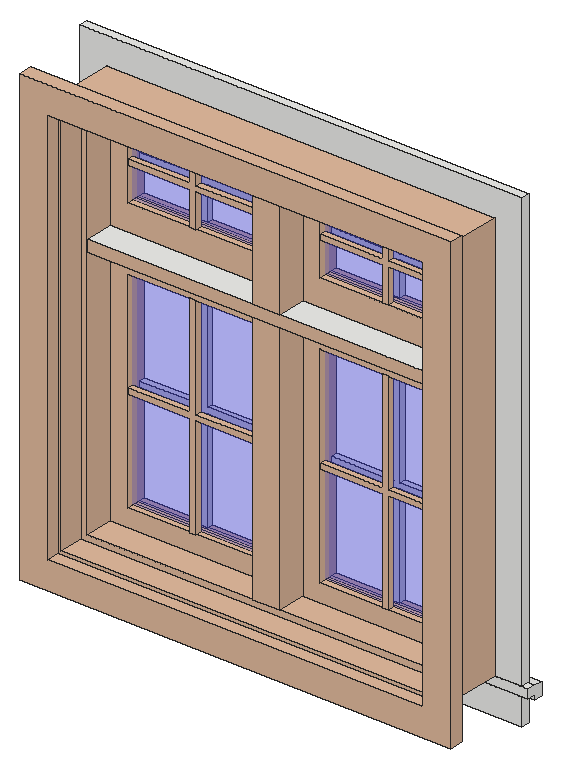
Revit family "M_Janela-batente-duplo-toldo-duplo", category Janelas, Revit 2019
Family settings
  Hospedeiro = Parede
  Número OmniClass = 23.30.20.17.21.14
  Título OmniClass = Casement Windows
  Sempre na vertical = Sim
  Corte com vazios quando carregada = Não
  Compartilhado = Não
  Ponto de cálculo do ambiente = Não
Parameters (values of type "850 x 900mm")
  Janela aplicada [instance] = 0 mm
  Espessura da parede [instance] = 150 mm
  Visibilidade do montante superior = yes
  Fechamento da parede interior [instance] = 54.75 mm
  Material da apara interior = Madeira – Manchada
  Meia largura = Largura / 2  # 425 mm
  Visual Light Transmittance = 0.81
  Altura da travessa = 300 mm
  Resistência térmica (R) = 0.319569 (m²·K)/W
  Solar Heat Gain Coefficient = 0.76
  Largura bruta = Largura + 15 mm  # 865 mm
  Rough Height = Height + 15 mm  # 915 mm
  Altura da janela aberta = Height - Altura da travessa  # 600 mm
  Extensão do quadro [instance] = if(Visibilidade da apara externa, Janela aplicada + 6.35 mm, 6.35 mm)  # 6.35 mm
  Visibilidade do montante inferior = yes
  Padrão do montante = M_Padrão do montante_2x2 : M_Padrão do montante_2x2
  Visibilidade do recorte interior [instance] = yes
  Recorte interior = M_Moldura-janela-interior-plana : Quadro
  Height = 900 mm
  Material da moldura interior = Madeira – Manchada
  Coeficiente de transferência de calor (U) = 3.12929 W/(m²·K)
  Material do painel de vidro = Vidro
  Classificação de incêndio = "0.5h"
  Fechamento da parede externa [instance] = 31.8 mm
  Visibilidade da apara externa [instance] = yes
  Material da apara externa = Revestimento – Branco
  Apara externa = M_Recorte-Janela-Exterior-Plana : com peitoril
  Material da moldura exterior = Revestimento – Branco
  Visibilidade do umbral da extensão [instance] = and(Visibilidade do recorte interior, Espessura da parede - Janela aplicada > 95.25 mm)  # yes
  Umbral da extensão [instance] = if(Espessura da parede - Janela aplicada > 95.25 mm, Espessura da parede - Janela aplicada - 95.25 mm, 25.4 mm)  # 54.75 mm
  Altura-padrão do peitoril = 900 mm
  Fechamento da parede = (empty or 0)
  Largura = 850 mm
  Código de montagem = "B2020100"
  Construção analítica = "Vidraça dupla – residencial"
Values of the unnamed type that differ from the named types
  Fechamento da parede = Por hospedeiro
Reference planes
  plane 1 "Centro (Frente/Trás)": y = 0
  plane 2: z = 0
  plane 3 "Centro (Esquerda/Direita)": x = 0
  plane 4 "Esquerda": x = -425
  plane 5 "Direita": x = 425
  plane 6 "Peitoril": z = 900
  plane 7 "Superior": z = 1800
  plane 8 "Inset Face": y = 75
  plane 9 "Fechamento da parede": y = -20.25
  plane 10 "Face do caixilho": y = 87.7
  plane 11 "Exterior": y = 75
  plane 12: x = 412.3
  plane 13: x = -412.3
  plane 14: z = 1787.3
  plane 15: z = 912.7
  plane 16: x = 355.15
  plane 17: x = -355.15
  plane 18: z = 1730.15
  plane 19: z = 969.85
  plane 20: x = 9.525
  plane 21: x = -9.525
  plane 22: y = 55.95
  plane 23 "Vidro": y = 65.475
  plane 24: y = 94.05
  plane 25: y = 94.05
  plane 26 "Interior": y = -75
  plane 27 "Umbral": y = -20.25
  plane 28: x = -30.163
  plane 29: x = 30.162
  plane 30: z = 1487.3
  plane 31: z = 1200
  plane 32: z = 1512.7
  plane 33 "Meio": z = 1350
  plane 34: z = 1430.15
  plane 35: x = 210.912
  plane 36: x = -210.913
  plane 37: x = 66.675
  plane 38: x = -66.675
  plane 39: y = 43.2
  plane 40: y = -20.25
  plane 41: z = 1569.85
  plane 42: z = 1500
  plane 43: y = 94.05
Forms (mm)
  Sweep 1, solid, material "Madeira – Manchada" <- "Material da moldura interior"
    path origin (0, 87.7, 0) x (-1, 0, 0) y (0, 0, 1)
      loop
        line (-425, 900) -> (425, 900) -> (425, 1800) -> (-425, 1800) -> (-425, 900)
    profile origin (425, 87.7, 1350) x (1, 0, 0) y (0, 1, 0)
      loop
        line (0, 6.35) -> (-12.7, 6.35) -> (-12.7, -44.45) -> (-31.75, -44.45) -> (-31.75, -107.95) -> (0, -107.95) -> (0, 6.35)
  Extrusion 2, solid, material "Madeira – Manchada" <- "Material da moldura interior", visible <- "Visibilidade do umbral da extensão"
    sketch origin (0, 0, 0) x (1, 0, 0) y (0, 0, 1)
      loop
        line (425, 1800) -> (-425, 1800) -> (-425, 900) -> (425, 900) -> (425, 1800)
      loop
        line (405.95, 919.05) -> (405.95, 1780.95) -> (-405.95, 1780.95) -> (-405.95, 919.05) -> (405.95, 919.05)
    from 20.25 to 75
  Sweep 3, solid, material "Madeira – Manchada" <- "Material da moldura interior"
    path origin (0, 87.7, 0) x (-1, 0, 0) y (0, 0, 1)
      loop
        line (-412.3, 1487.3) -> (-412.3, 912.7) -> (-9.525, 912.7) -> (-9.525, 1487.3) -> (-412.3, 1487.3)
    profile origin (412.3, 87.7, 1200) x (0, 1, 0) y (-1, 0, 0)
      loop
        line (0, 0) -> (0, 57.15) -> (-44.45, 57.15) -> (-44.45, 0) -> (0, 0)
  Sweep 4, solid, material "Madeira – Manchada" <- "Material da moldura interior"
    path origin (0, 87.7, 0) x (-1, 0, 0) y (0, 0, 1)
      loop
        line (9.525, 912.7) -> (412.3, 912.7) -> (412.3, 1487.3) -> (9.525, 1487.3) -> (9.525, 912.7)
    profile origin (-9.525, 87.7, 1200) x (1, 0, 0) y (0, 1, 0)
      loop
        line (0, 0) -> (-57.15, 0) -> (-57.15, -44.45) -> (0, -44.45) -> (0, 0)
  Extrusion 5, solid, material "Vidro"
    sketch origin (0, 0, 900) x (0, -1, 0) y (1, 0, 0)
      loop
        line (-75, 66.675) -> (-68.65, 66.675) -> (-68.65, 355.15) -> (-75, 355.15) -> (-75, 66.675)
      loop
        line (-55.95, 355.15) -> (-62.3, 355.15) -> (-62.3, 66.675) -> (-55.95, 66.675) -> (-55.95, 355.15)
    from 69.85 to 530.15
  Extrusion 6, solid, material "Vidro"
    sketch origin (-701.675, 0, 900) x (0, -1, 0) y (1, 0, 0)
      loop
        line (-75, 346.525) -> (-68.65, 346.525) -> (-68.65, 635) -> (-75, 635) -> (-75, 346.525)
      loop
        line (-55.95, 635) -> (-62.3, 635) -> (-62.3, 346.525) -> (-55.95, 346.525) -> (-55.95, 635)
    from 69.85 to 530.15
  Extrusion 7, solid, material "Madeira – Manchada" <- "Material da moldura interior"
    sketch origin (0, 0, 900) x (0, -1, 0) y (1, 0, 0)
      loop
        line (-94.05, -9.525) -> (-43.25, -9.525) -> (-43.25, -30.163) -> (20.25, -30.163) -> (20.25, 30.162) -> (-43.25, 30.162) -> (-43.25, 9.525) -> (-94.05, 9.525) -> (-94.05, -9.525)
    from 12.7 to 587.3
  Extrusion 8, void
    sketch origin (0, 0, 0) x (1, 0, 0) y (0, 0, 1)
      loop
        line (30.162, 931.75) -> (-30.163, 931.75) -> (-30.163, 912.7) -> (30.162, 912.7) -> (30.162, 931.75)
      loop
        line (30.162, 1768.25) -> (30.162, 1787.3) -> (-30.163, 1787.3) -> (-30.163, 1768.25) -> (30.162, 1768.25)
    from -43.25 to 20.25
  Extrusion 9, solid, material "Vidro" <- "Material do painel de vidro"
    sketch origin (0, 0, 900) x (0, -1, 0) y (1, 0, 0)
      loop
        line (-75, -355.15) -> (-68.65, -355.15) -> (-68.65, -66.675) -> (-75, -66.675) -> (-75, -355.15)
      loop
        line (-55.95, -66.675) -> (-62.3, -66.675) -> (-62.3, -355.15) -> (-55.95, -355.15) -> (-55.95, -66.675)
    from 669.85 to 830.15
  Extrusion 10, solid, material "Revestimento – Branco" <- "Material da moldura exterior"
    sketch origin (0, 0, 900) x (0, -1, 0) y (1, 0, 0)
      loop
        line (-94.05, -412.3) -> (-43.25, -412.3) -> (-43.25, -393.25) -> (20.25, -393.25) -> (20.25, 393.25) -> (-43.25, 393.25) -> (-43.25, 412.3) -> (-94.05, 412.3) -> (-94.05, -412.3)
    from 587.3 to 612.7
  Extrusion 11, solid, material "Madeira – Manchada" <- "Material da moldura interior"
    sketch origin (0, 0, 900) x (0, -1, 0) y (1, 0, 0)
      loop
        line (-94.05, -9.525) -> (-43.25, -9.525) -> (-43.25, -30.163) -> (20.25, -30.163) -> (20.25, 30.162) -> (-43.25, 30.162) -> (-43.25, 9.525) -> (-94.05, 9.525) -> (-94.05, -9.525)
    from 612.7 to 887.3
  Extrusion 12, void
    sketch origin (0, 0, 914.4) x (0, -1, 0) y (1, 0, 0)
      loop
        line (-43.25, -57.977) -> (20.25, -57.977) -> (20.25, 54.897) -> (-43.25, 54.897) -> (-43.25, -57.977)
    from 853.85 to 872.9
  Sweep 13, solid, material "Madeira – Manchada" <- "Material da moldura interior"
    path origin (0, 87.7, 0) x (-1, 0, 0) y (0, 0, 1)
      loop
        line (-412.3, 1512.7) -> (-9.525, 1512.7) -> (-9.525, 1787.3) -> (-412.3, 1787.3) -> (-412.3, 1512.7)
    profile origin (412.3, 87.7, 1650) x (1, 0, 0) y (0, 1, 0)
      loop
        line (0, 0) -> (-57.15, 0) -> (-57.15, -44.45) -> (0, -44.45) -> (0, 0)
  Sweep 14, solid, material "Madeira – Manchada" <- "Material da moldura interior"
    path origin (0, 87.7, 0) x (-1, 0, 0) y (0, 0, 1)
      loop
        line (9.525, 1787.3) -> (9.525, 1512.7) -> (412.3, 1512.7) -> (412.3, 1787.3) -> (9.525, 1787.3)
    profile origin (-9.525, 87.7, 1650) x (0, 1, 0) y (-1, 0, 0)
      loop
        line (0, 0) -> (0, 57.15) -> (-44.45, 57.15) -> (-44.45, 0) -> (0, 0)
  Extrusion 15, solid, material "Vidro" <- "Material do painel de vidro"
    sketch origin (0, 0, 900) x (0, -1, 0) y (1, 0, 0)
      loop
        line (-75, 355.15) -> (-75, 66.675) -> (-68.65, 66.675) -> (-68.65, 355.15) -> (-75, 355.15)
      loop
        line (-55.95, 66.675) -> (-55.95, 355.15) -> (-62.3, 355.15) -> (-62.3, 66.675) -> (-55.95, 66.675)
    from 669.85 to 830.15
Cuts and joins
  Extrusion 8 cuts Extrusion 7
  Extrusion 12 cuts Extrusion 11
Lines and regions (mm)
  Opening 1
    outline origin (-1524, -75, 0) x (1, 0, 0) y (0, 0, 1)
      loop
        line (1099, 1800) -> (1099, 900) -> (1949, 900) -> (1949, 1800) -> (1099, 1800)
  Split face 1
    outline origin (355.15, 87.7, 969.85) x (-1, 0, 0) y (0, -1, 0)
      loop
        line (288.475, 12.7) -> (0, 12.7)
  Split face 2
    outline origin (355.15, 87.7, 1430.15) x (0, 0, -1) y (0, -1, 0)
      loop
        line (0, 12.7) -> (460.3, 12.7)
  Split face 3
    outline origin (66.675, 87.7, 969.85) x (0, 0, 1) y (0, -1, 0)
      loop
        line (460.3, 12.7) -> (0, 12.7)
  Split face 4
    outline origin (66.675, 87.7, 1430.15) x (0, -1, 0) y (1, 0, 0)
      loop
        line (12.7, 0) -> (12.7, 288.475)
  Split face 5
    outline origin (-355.15, 43.25, 969.85) x (1, 0, 0) y (0, 1, 0)
      loop
        line (0, 31.75) -> (288.475, 31.75)
  Split face 6
    outline origin (-66.675, 43.25, 969.85) x (0, 0, 1) y (0, 1, 0)
      loop
        line (460.3, 31.75) -> (0, 31.75)
  Split face 7
    outline origin (-355.15, 43.25, 1430.15) x (0, 0, -1) y (0, 1, 0)
      loop
        line (460.3, 31.75) -> (0, 31.75)
  Split face 8
    outline origin (-66.675, 43.25, 1430.15) x (0, 1, 0) y (-1, 0, 0)
      loop
        line (31.75, 288.475) -> (31.75, 0)
  Split face 9
    outline origin (0, 0, 1512.7) x (0, -1, 0) y (1, 0, 0)
      loop
        line (-55.95, 412.3) -> (-55.95, -412.3)
  Split face 10
    outline origin (0, 0, 1487.3) x (0, -1, 0) y (1, 0, 0)
      loop
        line (-87.7, -412.3) -> (-87.7, 412.3)
  Split face 11
    outline origin (9.525, 43.25, 1787.3) x (0, 0, -1) y (0, 1, 0)
      loop
        line (0, 44.45) -> (274.6, 44.45)
  Split face 12
    outline origin (-9.525, 94.05, 1787.3) x (0, 0, -1) y (0, -1, 0)
      loop
        line (0, 6.35) -> (274.6, 6.35)
  Split face 13
    outline origin (355.15, 43.25, 1569.85) x (0, 0, 1) y (0, 1, 0)
      loop
        line (160.3, 31.75) -> (0, 31.75)
  Split face 14
    outline origin (66.675, 43.25, 1569.85) x (1, 0, 0) y (0, 1, 0)
      loop
        line (0, 12.7) -> (288.475, 12.7)
  Split face 15
    outline origin (66.675, 43.25, 1569.85) x (1, 0, 0) y (0, 1, 0)
      loop
        line (0, 31.75) -> (288.475, 31.75)
  Split face 16
    outline origin (355.15, 43.25, 1730.15) x (0, 1, 0) y (-1, 0, 0)
      loop
        line (31.75, 0) -> (31.75, 288.475)
  Split face 17
    outline origin (-66.675, 87.7, 1730.15) x (0, 0, -1) y (0, -1, 0)
      loop
        line (0, 12.7) -> (160.3, 12.7)
  Split face 18
    outline origin (-355.15, 87.7, 1569.85) x (0, 0, 1) y (0, -1, 0)
      loop
        line (160.3, 12.7) -> (0, 12.7)
  Split face 19
    outline origin (-66.675, 87.7, 1569.85) x (-1, 0, 0) y (0, -1, 0)
      loop
        line (288.475, 12.7) -> (0, 12.7)
  Split face 20
    outline origin (-355.15, 87.7, 1730.15) x (0, -1, 0) y (1, 0, 0)
      loop
        line (12.7, 0) -> (12.7, 288.475)
  Split face 21
    outline origin (66.675, 43.25, 1730.15) x (0, 0, -1) y (0, 1, 0)
      loop
        line (0, 31.75) -> (160.3, 31.75)
  symbolic lines, style "Giro da elevação"
    curve 1: line (9.525, 0, 1487.3) -> (412.3, 0, 1193.65)
    curve 2: line (412.3, 0, 1193.65) -> (9.525, 0, 912.7)
    curve 3: line (-9.525, 0, 1487.3) -> (-412.3, 0, 1193.65)
    curve 4: line (-412.3, 0, 1193.65) -> (-9.525, 0, 912.7)
    curve 5: line (412.3, 87.7, 1512.7) -> (210.912, 87.7, 1787.3)
    curve 6: line (210.912, 87.7, 1787.3) -> (9.525, 87.7, 1512.7)
    curve 7: line (-9.525, 87.7, 1512.7) -> (-210.913, 87.7, 1787.3)
    curve 8: line (-210.913, 87.7, 1787.3) -> (-412.3, 87.7, 1512.7)
Text (mm)
  text "EXTERIOR" at (-1490.695, 1293.036, 0), in view "Nível de referência"
  text "INTERIOR" at (-1490.695, -959.266, 0), in view "Nível de referência"
  text "Exterior" at (0, 1108.87, 3129.179), in view "Esquerda"
  text "Exterior" at (0, 464.664, 3176.206), in view "Direita"
Dimensions and locks
  equal spacing: plane 4 "Esquerda", plane 3 "Centro (Esquerda/Direita)", plane 5 "Direita"
  "Largura": plane 4 "Esquerda" to plane 5 "Direita"
  "Height": plane 6 "Peitoril" to plane 7 "Superior"
  "Altura-padrão do peitoril": plane 2 to plane 6 "Peitoril"
  locked: plane 10 "Face do caixilho" to plane 8 "Inset Face" at 12.7
  "Espessura da parede": host wall to host wall
  "Janela aplicada": plane 11 "Exterior" to plane 8 "Inset Face"
  locked: Sweep 1 sketch curve to plane 5 "Direita" at 31.75
  locked: Sweep 1 sketch curve to plane 5 "Direita" at 12.7
  locked: plane 10 "Face do caixilho" to Sweep 1 sketch curve at 44.45
  locked: plane 12 to plane 5 "Direita" at 12.7
  locked: plane 4 "Esquerda" to plane 13 at 12.7
  locked: plane 14 to plane 7 "Superior" at 12.7
  locked: plane 6 "Peitoril" to plane 15 at 12.7
  locked: plane 16 to plane 12 at 57.15
  locked: plane 13 to plane 17 at 57.15
  locked: plane 18 to plane 14 at 57.15
  locked: plane 15 to plane 19 at 57.15
  locked: Extrusion 2 sketch curve to plane 7 "Superior" at 19.05
  locked: Extrusion 2 sketch curve to plane 5 "Direita" at 19.05
  locked: Extrusion 2 sketch curve to plane 4 "Esquerda" at 19.05
  locked: plane 6 "Peitoril" to Extrusion 2 sketch curve at 19.05
  equal spacing: plane 21, plane 3 "Centro (Esquerda/Direita)", plane 20
  locked: plane 21 to plane 20 at 19.05
  plane 22 to Sweep 3 = 12.7 mm
  equal spacing: plane 8 "Inset Face", plane 23 "Vidro", plane 22
  locked: plane 8 "Inset Face" to plane 22 at 19.05
  locked: plane 24 to plane 11 "Exterior" at 19.05
  locked: plane 25 to plane 10 "Face do caixilho" at 6.35
  "Umbral da extensão": plane 27 "Umbral" to plane 26 "Interior"
  locked: plane 8 "Inset Face" to plane 9 "Fechamento da parede" at 95.25
  equal spacing: plane 28, plane 3 "Centro (Esquerda/Direita)", plane 29
  locked: plane 28 to plane 29 at 60.325
  Extrusion 2 to Extrusion 8 = 887.3 mm
  plane 30 to plane 32 = 25.4 mm
  equal spacing: plane 6 "Peitoril", plane 33 "Meio", plane 7 "Superior"
  equal spacing: plane 19, plane 31, plane 34
  locked: plane 34 to plane 30 at 57.15
  equal spacing: plane 20, plane 35, plane 12
  equal spacing: plane 13, plane 36, plane 21
  Extrusion 12 to Extrusion 11 = 27.815 mm
  locked: plane 29 to plane 37 at 36.512
  locked: plane 28 to plane 38 at 36.513
  "Fechamento da parede externa": plane 11 "Exterior" to plane 39
  "Fechamento da parede interior": plane 40 to plane 26 "Interior"
  locked: plane 32 to plane 41 at 57.15
  equal spacing: plane 30, plane 42, plane 32
  "Altura da travessa": plane 42 to plane 7 "Superior"
  "Extensão do quadro": plane 43 to plane 10 "Face do caixilho"
  aligned and locked: plane 7 "Superior" to Opening 1 sketch curve
  aligned and locked: plane 6 "Peitoril" to Opening 1 sketch curve  (x2)
  aligned and locked: plane 5 "Direita" to Opening 1 sketch curve
  aligned and locked: plane 4 "Esquerda" to Opening 1 sketch curve
  aligned and locked: level to plane 2
  aligned and locked: host wall to plane 11 "Exterior"
  aligned and locked: plane 5 "Direita" to Sweep 1 sketch curve
  aligned and locked: plane 7 "Superior" to Sweep 1 sketch curve
  aligned and locked: Sweep 1 sketch curve to plane 4 "Esquerda"
  aligned and locked: Sweep 1 sketch curve to plane 6 "Peitoril"
  aligned and locked: Extrusion 2 sketch curve to host wall  (x3)
  aligned and locked: plane 7 "Superior" to Extrusion 2 sketch curve
  aligned and locked: host wall to Extrusion 2
  aligned and locked: Sweep 3 sketch curve to plane 12  (x2)
  aligned and locked: Sweep 3 sketch curve to plane 15
  aligned and locked: plane 16 to Sweep 3 sketch curve
  aligned and locked: plane 20 to Sweep 3 sketch curve
  aligned and locked: plane 21 to Sweep 4 sketch curve
  aligned and locked: plane 15 to Sweep 4 sketch curve
  aligned and locked: Sweep 4 sketch curve to plane 13
  aligned and locked: Split face 1 sketch curve to plane 8 "Inset Face"
  aligned and locked: plane 8 "Inset Face" to Split face 2 sketch curve
  aligned and locked: plane 8 "Inset Face" to Split face 3 sketch curve
  aligned and locked: Split face 4 sketch curve to plane 8 "Inset Face"
  aligned and locked: Extrusion 5 sketch curve to plane 8 "Inset Face"
  aligned and locked: plane 16 to Extrusion 5 sketch curve
  aligned and locked: Sweep 3 to Extrusion 5 sketch curve
  aligned and locked: Extrusion 5 sketch curve to plane 22
  aligned and locked: Extrusion 5 sketch curve to plane 16
  aligned and locked: Extrusion 5 sketch curve to Sweep 3
  aligned and locked: Extrusion 5 to plane 19
  aligned and locked: Extrusion 6 sketch curve to plane 8 "Inset Face"
  aligned and locked: plane 22 to Extrusion 6 sketch curve
  aligned and locked: Sweep 4 to Extrusion 6 sketch curve  (x2)
  aligned and locked: Extrusion 6 sketch curve to plane 17  (x2)
  aligned and locked: plane 15 to curve 2
  aligned and locked: plane 15 to curve 4
  aligned and locked: Split face 5 sketch curve to Extrusion 6
  aligned and locked: plane 8 "Inset Face" to Split face 6 sketch curve
  aligned and locked: Split face 7 sketch curve to plane 8 "Inset Face"
  aligned and locked: Split face 8 sketch curve to plane 8 "Inset Face"
  aligned and locked: plane 26 "Interior" to host wall
  aligned and locked: plane 27 "Umbral" to Extrusion 2
  aligned and locked: plane 9 "Fechamento da parede" to Sweep 1
  aligned and locked: Extrusion 7 sketch curve to plane 25
  aligned and locked: Extrusion 7 to Sweep 1
  aligned and locked: Sweep 1 to Extrusion 8 sketch curve
  aligned and locked: plane 29 to Extrusion 8 sketch curve
  aligned and locked: Extrusion 8 sketch curve to Extrusion 7
  aligned and locked: Extrusion 7 to Extrusion 8 sketch curve
  aligned and locked: Extrusion 8 to Sweep 1
  aligned and locked: Sweep 1 to Extrusion 8
  aligned and locked: plane 9 "Fechamento da parede" to Extrusion 7 sketch curve
  aligned and locked: nested 3 to plane 5 "Direita"
  aligned and locked: nested 3 to plane 11 "Exterior"
  aligned and locked: plane 30 to Sweep 3 sketch curve
  aligned and locked: Sweep 4 sketch curve to plane 30
  aligned and locked: Extrusion 5 to Sweep 3
  aligned and locked: Extrusion 6 to Sweep 3
  aligned and locked: plane 30 to cut or joined group of Extrusion 7, Extrusion 8
  aligned and locked: curve 1 to Sweep 3
  aligned and locked: curve 3 to Sweep 4
  aligned and locked: plane 12 to curve 2
  aligned and locked: plane 13 to curve 4
  aligned and locked: plane 34 to Sweep 3
  aligned and locked: plane 34 to Sweep 4
  aligned and locked: Extrusion 5 to plane 34
  aligned and locked: Extrusion 6 to plane 34
  aligned and locked: plane 13 to Extrusion 10 sketch curve
  aligned and locked: plane 12 to Extrusion 10 sketch curve
  aligned and locked: plane 32 to Extrusion 10
  aligned and locked: Extrusion 10 to Sweep 3
  aligned and locked: Extrusion 10 sketch curve to nested 3
  aligned and locked: plane 22 to Split face 9 sketch curve
  aligned and locked: plane 12 to Split face 9 sketch curve
  aligned and locked: plane 13 to Split face 9 sketch curve
  aligned and locked: Split face 10 sketch curve to plane 10 "Face do caixilho"
  aligned and locked: plane 12 to Split face 10 sketch curve
  aligned and locked: plane 13 to Split face 10 sketch curve
  aligned and locked: profile plane to Sweep 3 sketch curve
  aligned and locked: Sweep 4 sketch curve to plane 21
  aligned and locked: plane 10 "Face do caixilho" to Sweep 4 sketch curve
  aligned and locked: profile plane to plane 21
  aligned and locked: Extrusion 9 sketch curve to plane 8 "Inset Face"
  aligned and locked: Extrusion 10 sketch curve to plane 25
  aligned and locked: plane 25 to Extrusion 11 sketch curve
  aligned and locked: plane 21 to Extrusion 11 sketch curve
  aligned and locked: Extrusion 11 sketch curve to plane 20
  aligned and locked: Extrusion 11 sketch curve to plane 28
  aligned and locked: plane 29 to Extrusion 11 sketch curve
  aligned and locked: Extrusion 11 sketch curve to Sweep 4
  aligned and locked: Extrusion 11 sketch curve to Sweep 3
  aligned and locked: Extrusion 11 to plane 32
  aligned and locked: Extrusion 11 to Sweep 1
  aligned and locked: Sweep 1 to Extrusion 12 sketch curve
  aligned and locked: Extrusion 12 sketch curve to plane 9 "Fechamento da parede"
  aligned and locked: Sweep 13 sketch curve to Sweep 1
  aligned and locked: cut or joined group of Extrusion 11, Extrusion 12 to Sweep 13 sketch curve
  aligned and locked: Sweep 13 sketch curve to cut or joined group of Extrusion 11, Extrusion 12
  aligned and locked: Sweep 13 sketch curve to plane 14
  aligned and locked: Sweep 13 sketch curve to Split face 10
  aligned and locked: Sweep 13 sketch curve to Sweep 3  (x2)
  aligned and locked: Sweep 3 to Sweep 13 sketch curve
  aligned and locked: Sweep 14 sketch curve to cut or joined group of Extrusion 11, Extrusion 12
  aligned and locked: Sweep 14 sketch curve to Sweep 1  (x2)
  aligned and locked: cut or joined group of Extrusion 11, Extrusion 12 to Sweep 14 sketch curve
  aligned and locked: Sweep 14 sketch curve to Sweep 4  (x4)
  aligned and locked: Extrusion 9 sketch curve to plane 17  (x2)
  aligned and locked: Sweep 4 to Extrusion 9 sketch curve  (x2)
  aligned and locked: Sweep 13 to Extrusion 9
  aligned and locked: plane 18 to Extrusion 9
  aligned and locked: Extrusion 15 sketch curve to Sweep 3  (x2)
  aligned and locked: Extrusion 15 sketch curve to plane 16  (x2)
  aligned and locked: plane 18 to Extrusion 15
  aligned and locked: Extrusion 15 to Sweep 13
  aligned and locked: plane 10 "Face do caixilho" to Split face 11 sketch curve
  aligned and locked: plane 14 to Split face 11 sketch curve
  aligned and locked: plane 32 to Split face 11 sketch curve
  aligned and locked: plane 10 "Face do caixilho" to Split face 12 sketch curve
  aligned and locked: plane 32 to Split face 12 sketch curve
  aligned and locked: plane 14 to Split face 12 sketch curve
  aligned and locked: Split face 14 sketch curve to plane 22
  aligned and locked: Split face 15 sketch curve to plane 8 "Inset Face"
  aligned and locked: plane 8 "Inset Face" to Split face 16 sketch curve
  aligned and locked: plane 8 "Inset Face" to Split face 17 sketch curve
  aligned and locked: plane 8 "Inset Face" to Split face 18 sketch curve
  aligned and locked: Split face 19 sketch curve to plane 8 "Inset Face"
  aligned and locked: Split face 20 sketch curve to plane 8 "Inset Face"
  aligned and locked: Sweep 1 to Extrusion 12
  aligned and locked: Extrusion 15 sketch curve to plane 22
  aligned and locked: plane 8 "Inset Face" to Extrusion 15 sketch curve
  aligned and locked: plane 22 to Extrusion 9 sketch curve
  aligned and locked: plane 8 "Inset Face" to Split face 21 sketch curve
  aligned and locked: plane 18 to Split face 21 sketch curve
  aligned and locked: Extrusion 11 sketch curve to plane 9 "Fechamento da parede"
  aligned and locked: nested 4 to plane 4 "Esquerda"
  aligned and locked: nested 4 to plane 11 "Exterior"
  aligned and locked: nested 4 to plane 7 "Superior"
  aligned and locked: nested 5 to plane 4 "Esquerda"
  aligned and locked: nested 5 to plane 11 "Exterior"
  aligned and locked: plane 6 "Peitoril" to nested 3
  aligned and locked: plane 6 "Peitoril" to nested 5
  aligned and locked: Extrusion 12 to Sweep 1
  aligned and locked: plane 7 "Superior" to nested 6
  aligned and locked: nested 6 to plane 3 "Centro (Esquerda/Direita)"
  aligned and locked: plane 7 "Superior" to nested 7
  aligned and locked: plane 3 "Centro (Esquerda/Direita)" to nested 7
  aligned and locked: nested 1 to plane 23 "Vidro"
  aligned and locked: plane 23 "Vidro" to nested 2
  aligned and locked: nested 1 to plane 17
  aligned and locked: nested 1 to plane 38
  aligned and locked: nested 2 to plane 37
  aligned and locked: nested 2 to plane 16
  aligned and locked: nested 1 to plane 34
  aligned and locked: plane 34 to nested 2
  aligned and locked: nested 2 to plane 19
  aligned and locked: plane 19 to nested 1
  aligned and locked: nested 8 to plane 37
  aligned and locked: nested 8 to plane 16
  aligned and locked: nested 8 to plane 41
  aligned and locked: nested 8 to plane 18
  aligned and locked: nested 9 to plane 38
  aligned and locked: nested 9 to plane 17
  aligned and locked: nested 9 to plane 41
  aligned and locked: nested 9 to plane 18
  aligned and locked: plane 23 "Vidro" to nested 9
  aligned and locked: plane 23 "Vidro" to nested 8
  aligned and locked: plane 43 to Sweep 1 sketch curve
Automatic sketch dimensions
  Sweep 1 sketch curve to profile plane = 0 mm
  Sweep 1 sketch curve to Sweep 1 sketch curve = 63.5 mm
  Sweep 3 sketch curve to plane 10 "Face do caixilho" = 44.45 mm
  profile plane to Sweep 4 sketch curve = 57.15 mm
  Sweep 4 sketch curve to plane 10 "Face do caixilho" = 44.45 mm
  Split face 1 sketch curve to Sweep 3 = 0 mm  (x2)
  Sweep 3 to Split face 2 sketch curve = 0 mm
  Split face 2 sketch curve to Sweep 3 = 0 mm
  Split face 3 sketch curve to Sweep 3 = 0 mm
  Sweep 3 to Split face 3 sketch curve = 0 mm
  Split face 4 sketch curve to Sweep 3 = 0 mm  (x2)
  plane 23 "Vidro" to Extrusion 5 sketch curve = 3.175 mm
  Extrusion 5 sketch curve to plane 23 "Vidro" = 3.175 mm
  plane 23 "Vidro" to Extrusion 6 sketch curve = 3.175 mm
  Extrusion 6 sketch curve to plane 23 "Vidro" = 3.175 mm
  plane 21 to curve 4 = 0 mm
  plane 20 to curve 2 = 0 mm
  curve 3 to plane 30 = 0 mm
  curve 1 to plane 30 = 0 mm
  curve 2 to plane 31 = 6.35 mm
  curve 4 to plane 31 = 6.35 mm
  Split face 5 sketch curve to Sweep 4 = 0 mm  (x2)
  Split face 6 sketch curve to Sweep 4 = 0 mm
  Sweep 4 to Split face 6 sketch curve = 0 mm
  Sweep 4 to Split face 7 sketch curve = 0 mm
  Split face 7 sketch curve to Sweep 4 = 0 mm
  Split face 8 sketch curve to Sweep 4 = 0 mm  (x2)
  Extrusion 7 sketch curve to plane 28 = 0 mm
  Extrusion 7 sketch curve to plane 21 = 0 mm
  Extrusion 7 sketch curve to plane 20 = 0 mm
  Extrusion 7 sketch curve to plane 29 = 0 mm
  Extrusion 7 sketch curve to plane 22 = 12.7 mm  (x2)
  Extrusion 8 sketch curve to plane 14 = 0 mm
  Extrusion 8 sketch curve to plane 28 = 0 mm
  Extrusion 8 sketch curve to plane 29 = 0 mm
  Extrusion 8 sketch curve to Extrusion 8 sketch curve = 19.05 mm
  plane 23 "Vidro" to Extrusion 9 sketch curve = 3.175 mm
  Extrusion 9 sketch curve to plane 23 "Vidro" = 3.175 mm
  Extrusion 10 sketch curve to plane 9 "Fechamento da parede" = 0 mm
  Extrusion 10 sketch curve to plane 22 = 12.7 mm  (x2)
  Extrusion 12 sketch curve to plane 28 = 27.815 mm
  plane 29 to Extrusion 12 sketch curve = 24.735 mm
  Extrusion 15 sketch curve to plane 23 "Vidro" = 3.175 mm
  plane 23 "Vidro" to Extrusion 15 sketch curve = 3.175 mm
  Split face 13 sketch curve to Sweep 13 = 0 mm
  Sweep 13 to Split face 13 sketch curve = 0 mm
  Split face 13 sketch curve to Sweep 13 = 12.7 mm
  Split face 14 sketch curve to Sweep 13 = 0 mm  (x2)
  Split face 15 sketch curve to Sweep 13 = 0 mm  (x2)
  Split face 16 sketch curve to Sweep 13 = 0 mm  (x2)
  Sweep 14 to Split face 17 sketch curve = 0 mm
  Split face 17 sketch curve to Sweep 14 = 0 mm
  Split face 18 sketch curve to Sweep 14 = 0 mm
  Sweep 14 to Split face 18 sketch curve = 0 mm
  Split face 19 sketch curve to Sweep 14 = 0 mm  (x2)
  Split face 20 sketch curve to Sweep 14 = 0 mm  (x2)
  plane 12 to curve 5 = 0 mm
  curve 6 to plane 14 = 0 mm
  plane 35 to curve 6 = 0 mm
  plane 20 to curve 6 = 0 mm
  plane 21 to curve 7 = 0 mm
  curve 8 to plane 14 = 0 mm
  plane 36 to curve 8 = 0 mm
  plane 13 to curve 8 = 0 mm
  curve 8 to plane 32 = 0 mm
  curve 7 to plane 32 = 0 mm
  curve 6 to plane 32 = 0 mm
  curve 5 to plane 32 = 0 mm
  Split face 21 sketch curve to Sweep 13 = 0 mm
  Extrusion 10 sketch curve to plane 13 = 19.05 mm
Nested families
  nested 1: "M_Padrão do montante_2x2" at (-210.913, 65.475, 969.85), type <- "Padrão do montante", Material externo <- "Material da moldura exterior", Material interior <- "Material da moldura interior", visible <- "Visibilidade do montante inferior", type "M_Padrão do montante_2x2"
    with Largura 288.475 mm, Material interior Madeira – Manchada, Altura 460.3 mm, Material externo Revestimento – Branco
  nested 2: "M_Padrão do montante_2x2" at (210.912, 65.475, 969.85) x (-1, 0, 0) z (0, 0, 1), type <- "Padrão do montante", Material externo <- "Material da moldura exterior", Material interior <- "Material da moldura interior", visible <- "Visibilidade do montante inferior", type "M_Padrão do montante_2x2"
    with Largura 288.475 mm, Material interior Madeira – Manchada, Altura 460.3 mm, Material externo Revestimento – Branco
  nested 3: "M_Plano-Batente" at (212.5, 75, 900), Largura <- "Meia largura", Janela aplicada <- "Janela aplicada", Height <- "Altura da janela aberta", Espessura da parede <- "Espessura da parede", type "M_Plano-Batente"
    with Janela aplicada de 3D 0 mm, Janela aplicada 0 mm, Largura 425 mm, Espessura da parede 150 mm, Linha superior no, Linha à direita yes, RH yes, Linha à esquerda no, LH no, Height 600 mm, Linha inferior yes
  nested 4: "M_Plano-toldo" at (0, 75, 1500), Janela aplicada <- "Janela aplicada", Largura <- "Largura", Height <- "Altura da travessa", Espessura da parede <- "Espessura da parede", type "M_Plano-toldo"
    with Janela aplicada de 3D 0 mm, Janela aplicada 0 mm, Largura 850 mm, Espessura da parede 150 mm, Linha superior yes, Linha à direita yes, Linha à esquerda yes, Height 300 mm, Linha inferior no
  nested 5: "M_Plano-Batente" at (-212.5, 75, 900), Janela aplicada <- "Janela aplicada", Largura <- "Meia largura", Height <- "Altura da janela aberta", Espessura da parede <- "Espessura da parede", type "M_Plano-Batente"
    with Janela aplicada de 3D 0 mm, Janela aplicada 0 mm, Largura 425 mm, Espessura da parede 150 mm, Linha superior no, Linha à direita no, RH no, Linha à esquerda yes, LH yes, Height 600 mm, Linha inferior yes
  nested 6: "M_Recorte-Janela-Exterior-Plana" at (0, 75, 1800) x (-1, 0, 0) z (0, 1, 0), visible <- "Visibilidade da apara externa", Material da apara <- "Material da apara externa", Largura da abertura <- "Largura", Altura da abertura <- "Height", type <- "Apara externa", type "com peitoril"
    with Material da apara Revestimento – Branco, Largura da abertura 850 mm, Altura da abertura 900 mm
  nested 7: "M_Moldura-janela-interior-plana" at (0, -75, 1800) x (1, 0, 0) z (0, -1, 0), visible <- "Visibilidade do recorte interior", Material da apara <- "Material da apara interior", Largura da abertura <- "Largura", Altura da abertura <- "Height", type <- "Recorte interior", type "Quadro"
    with Material da apara Madeira – Manchada, Largura da abertura 850 mm, Altura da abertura 900 mm
  nested 8: "M_Padrão do montante_2x2" at (210.912, 65.475, 1569.85) x (-1, 0, 0) z (0, 0, 1), type <- "Padrão do montante", Material externo <- "Material da moldura exterior", Material interior <- "Material da moldura interior", visible <- "Visibilidade do montante superior", type "M_Padrão do montante_2x2"
    with Largura 288.475 mm, Material interior Madeira – Manchada, Altura 160.3 mm, Material externo Revestimento – Branco
  nested 9: "M_Padrão do montante_2x2" at (-210.913, 65.475, 1569.85) x (-1, 0, 0) z (0, 0, 1), type <- "Padrão do montante", Material externo <- "Material da moldura exterior", Material interior <- "Material da moldura interior", visible <- "Visibilidade do montante superior", type "M_Padrão do montante_2x2"
    with Largura 288.475 mm, Material interior Madeira – Manchada, Altura 160.3 mm, Material externo Revestimento – Branco
Definition of nested family "M_Padrão do montante_2x2"
  Parameters (values of type "M_Padrão do montante_2x2")
    Largura [instance] = 1200 mm
    Espessura = 12.7 mm
    Altura [instance] = 1200 mm
    Material interior [instance] = none
    Material externo [instance] = none
    Distância = 19.05 mm
  Reference planes
    plane 1 "Centro (Frente/Trás)": y = 0
    plane 2: z = 0
    plane 3 "Centro (Esquerda/Direita)": x = 0
    plane 4: z = 1200
    plane 5: x = -600
    plane 6: x = 600
    plane 7: z = 600
    plane 8: y = 9.525
    plane 9: y = 22.225
    plane 10: y = -9.525
    plane 11: y = -22.225
  Forms (mm)
    Extrusion 1, solid, material <- "Material interior", detail levels fine
      sketch origin (0, 0, 0) x (1, 0, 0) y (0, 0, 1)
        loop
          line (-600, 606.35) -> (-600, 593.65) -> (-6.35, 593.65) -> (-6.35, 0) -> (6.35, 0) -> (6.35, 593.65) -> (600, 593.65) -> (600, 606.35) -> (6.35, 606.35) -> (6.35, 1200) -> (-6.35, 1200) -> (-6.35, 606.35) -> (-600, 606.35)
      from 9.525 to 22.225
    Extrusion 2, solid, material <- "Material externo", detail levels fine
      sketch origin (0, 0, 0) x (1, 0, 0) y (0, 0, -1)
        loop
          line (-600, -606.35) -> (-6.35, -606.35) -> (-6.35, -1200) -> (6.35, -1200) -> (6.35, -606.35) -> (600, -606.35) -> (600, -593.65) -> (6.35, -593.65) -> (6.35, 0) -> (-6.35, 0) -> (-6.35, -593.65) -> (-600, -593.65) -> (-600, -606.35)
      from 9.525 to 22.225
  Lines and regions (mm)
    model lines, detail levels medium
      curve 1: line (0, 9.525, 1200) -> (0, 9.525, 0)
      curve 2: line (-600, -9.525, 600) -> (600, -9.525, 600)
      curve 3: line (-600, 9.525, 600) -> (600, 9.525, 600)
      curve 4: line (0, -9.525, 1200) -> (0, -9.525, 0)
  Dimensions and locks
    equal spacing: plane 6, plane 3 "Centro (Esquerda/Direita)", plane 5
    "Largura": plane 6 to plane 5
    "Altura": plane 4 to plane 2
    equal spacing: plane 4, plane 7, plane 2
    locked: plane 3 "Centro (Esquerda/Direita)" to Extrusion 1 sketch curve at 6.35  (x4)
    locked: Extrusion 1 sketch curve to plane 7 at 6.35  (x2)
    locked: plane 7 to Extrusion 1 sketch curve at 6.35  (x2)
    "Espessura": plane 9 to plane 8
    "Espessura": plane 10 to plane 11
    "Distância": plane 8 to plane 10
    equal spacing: plane 8, plane 1 "Centro (Frente/Trás)", plane 10
    aligned and locked: plane 2 to level
    aligned and locked: plane 4 to curve 1
    aligned and locked: plane 5 to curve 2
    aligned and locked: plane 2 to curve 1
    aligned and locked: plane 6 to curve 2
    aligned and locked: Extrusion 1 sketch curve to plane 4
    aligned and locked: Extrusion 1 sketch curve to plane 6
    aligned and locked: Extrusion 1 sketch curve to plane 5
    aligned and locked: Extrusion 1 sketch curve to level
    aligned and locked: Extrusion 1 to plane 11
    aligned and locked: plane 10 to Extrusion 1
    aligned and locked: Extrusion 2 to plane 5
    aligned and locked: plane 6 to Extrusion 2
    aligned and locked: Extrusion 2 to plane 8
    aligned and locked: plane 9 to Extrusion 2
    aligned and locked: Extrusion 2 to plane 2
    aligned and locked: plane 4 to Extrusion 2
    aligned and locked: plane 5 to curve 3
    aligned and locked: plane 6 to curve 3
    aligned and locked: plane 4 to curve 4
    aligned and locked: plane 2 to curve 4
    aligned and locked: plane 8 to curve 3
  Automatic sketch dimensions
    curve 2 to plane 7 = 0 mm
    Extrusion 2 sketch curve to plane 5 = 0 mm
    Extrusion 2 sketch curve to level = 0 mm
    Extrusion 2 sketch curve to plane 4 = 0 mm
    Extrusion 2 sketch curve to plane 6 = 0 mm
    Extrusion 2 sketch curve to plane 3 "Centro (Esquerda/Direita)" = 6.35 mm  (x2)
    plane 3 "Centro (Esquerda/Direita)" to Extrusion 2 sketch curve = 6.35 mm  (x2)
    plane 7 to Extrusion 2 sketch curve = 6.35 mm  (x2)
    Extrusion 2 sketch curve to plane 7 = 6.35 mm  (x2)
    curve 4 to plane 3 "Centro (Esquerda/Direita)" = 0 mm
    curve 4 to level = 0 mm
    curve 4 to plane 4 = 0 mm
    curve 3 to plane 6 = 0 mm
    curve 1 to plane 3 "Centro (Esquerda/Direita)" = 0 mm
    curve 3 to plane 5 = 0 mm
    curve 3 to plane 7 = 0 mm
Definition of nested family "M_Recorte-Janela-Exterior-Plana"
  Parameters (values of type "com peitoril")
    Largura da apara = 60 mm
    Espessura da apara_Quadro = 30 mm
    Espessura da apara_com peitoril = 19.05 mm
    Material da apara [instance] = none
    Espessura do peitoril = 30 mm
    Peitoril = yes
    Quadro = no
    Largura da abertura [instance] = 600 mm
    Altura da abertura [instance] = 900 mm
    Default Elevation = 1200 mm
  Types (2, lengths in mm): name | Peitoril | Quadro
    com peitoril | yes | no
    Quadro | no | yes
  Reference planes
    plane 1 "Centro (Frente/Trás)": y = 0
    plane 2: z = 0
    plane 3 "Centro (Esquerda/Direita)": x = 0
    plane 4: y = 60
    plane 5 "Esquerda": x = -300
    plane 6 "Direita": x = 300
    plane 7 "Inferior": y = -900
    plane 8: y = -930
    plane 9: y = -980.432
    plane 10: x = 360
    plane 11: x = -360
    plane 12: z = 19.05
    plane 13: z = 30
    plane 14: x = 372.7
    plane 15: x = -372.7
    plane 16: y = -920.432
    plane 17: y = -960
    plane 18: z = 12.7
    plane 19: y = -450
    plane 20: z = 38.1
  Forms (mm)
    Extrusion 1, solid
      sketch origin (0, 0, 0) x (1, 0, 0) y (0, 1, 0)
        loop
          line (-361.95, 57.15) -> (-361.95, -993.732) -> (361.95, -993.732) -> (361.95, 57.15) -> (-361.95, 57.15)
      from 0 to -304.8
    Extrusion 2, solid, material <- "Material da apara", visible <- "Peitoril"
      sketch origin (0, 0, 0) x (1, 0, 0) y (0, 1, 0)
        loop
          line (-360, -900) -> (-300, -900) -> (-300, 0) -> (300, 0) -> (300, -900) -> (360, -900) -> (360, 60) -> (-360, 60) -> (-360, -900)
      from 0 to 19.05
    Extrusion 3, solid, material <- "Material da apara", visible <- "Peitoril"
      sketch origin (0, 0, 0) x (0, 1, 0) y (0, 0, 1)
        loop
          line (-902.458, 38.1) -> (-930, 38.1) -> (-930, 19.05) -> (-920.432, 19.05) -> (-920.432, 0) -> (-900, 0) -> (-900, 19.05) -> (-902.458, 38.1)
      from -372.7 to 372.7
    Extrusion 4, solid, material <- "Material da apara", visible <- "Peitoril"
      sketch origin (0, 0, 0) x (1, 0, 0) y (0, 1, 0)
        loop
          line (-360, -920.432) -> (-360, -980.432) -> (360, -980.432) -> (360, -920.432) -> (-360, -920.432)
      from 0 to 19.05
    Extrusion 5, solid, material <- "Material da apara", visible <- "Quadro"
      sketch origin (0, 0, 0) x (1, 0, 0) y (0, 1, 0)
        loop
          line (-300, 0) -> (-300, -900) -> (300, -900) -> (300, 0) -> (-300, 0)
        loop
          line (-360, 60) -> (-360, -960) -> (360, -960) -> (360, 60) -> (-360, 60)
      from 0 to 30
  Dimensions and locks
    equal spacing: plane 5 "Esquerda", plane 3 "Centro (Esquerda/Direita)", plane 6 "Direita"
    "Largura da abertura": plane 5 "Esquerda" to plane 6 "Direita"
    "Altura da abertura": plane 7 "Inferior" to plane 1 "Centro (Frente/Trás)"
    "Espessura do peitoril": plane 7 "Inferior" to plane 8
    "Largura da apara": plane 11 to plane 5 "Esquerda"
    "Largura da apara": plane 6 "Direita" to plane 10
    "Largura da apara": plane 1 "Centro (Frente/Trás)" to plane 4
    locked: plane 15 to plane 11 at 12.7
    locked: plane 10 to plane 14 at 12.7
    locked: plane 16 to plane 8 at 9.568
    "Largura da apara": plane 9 to plane 16
    "Largura da apara": plane 17 to plane 7 "Inferior"
    locked: plane 18 to plane 2 at 12.7
    equal spacing: plane 7 "Inferior", plane 19, plane 1 "Centro (Frente/Trás)"
    locked: plane 20 to plane 12 at 19.05
    "Espessura da apara_com peitoril": plane 12 to plane 2
    "Espessura da apara_Quadro": plane 13 to plane 2
    aligned and locked: plane 2 to Extrusion 1
    aligned and locked: level to Extrusion 1
    aligned and locked: Extrusion 2 sketch curve to plane 5 "Esquerda"
    aligned and locked: Extrusion 2 sketch curve to plane 11
    aligned and locked: plane 7 "Inferior" to Extrusion 2 sketch curve  (x2)
    aligned and locked: plane 1 "Centro (Frente/Trás)" to Extrusion 2 sketch curve
    aligned and locked: plane 10 to Extrusion 2 sketch curve
    aligned and locked: Extrusion 2 sketch curve to plane 6 "Direita"
    aligned and locked: plane 12 to Extrusion 2
    aligned and locked: Extrusion 3 sketch curve to level
    aligned and locked: plane 7 "Inferior" to Extrusion 3 sketch curve
    aligned and locked: Extrusion 3 sketch curve to plane 8
    aligned and locked: plane 15 to Extrusion 3
    aligned and locked: Extrusion 3 to plane 14
    aligned and locked: plane 10 to Extrusion 4 sketch curve
    aligned and locked: Extrusion 4 sketch curve to plane 11
    aligned and locked: plane 16 to Extrusion 4 sketch curve
    aligned and locked: plane 9 to Extrusion 4 sketch curve
    aligned and locked: Extrusion 4 to Extrusion 2
    aligned and locked: Extrusion 2 sketch curve to plane 4
    aligned and locked: plane 1 "Centro (Frente/Trás)" to Extrusion 5 sketch curve
    aligned and locked: Extrusion 5 sketch curve to plane 4
    aligned and locked: Extrusion 5 sketch curve to plane 17
    aligned and locked: plane 7 "Inferior" to Extrusion 5 sketch curve
    aligned and locked: Extrusion 5 sketch curve to plane 6 "Direita"
    aligned and locked: plane 10 to Extrusion 5 sketch curve
    aligned and locked: Extrusion 5 sketch curve to plane 5 "Esquerda"
    aligned and locked: Extrusion 5 sketch curve to plane 11
    aligned and locked: plane 13 to Extrusion 5
    aligned and locked: plane 20 to Extrusion 3
  Automatic sketch dimensions
    Extrusion 1 sketch curve to Extrusion 1 sketch curve = 723.9 mm
    Extrusion 1 sketch curve to Extrusion 1 sketch curve = 1050.882 mm
    Extrusion 3 sketch curve to plane 16 = 0 mm
    Extrusion 3 sketch curve to plane 12 = 0 mm  (x2)
    Extrusion 3 sketch curve to plane 7 "Inferior" = 2.458 mm
    plane 13 to Extrusion 3 sketch curve = 8.1 mm
Definition of nested family "M_Moldura-janela-interior-plana"
  Parameters (values of type "com peitoril")
    Espessura da apara_Quadro = 30 mm
    Largura da apara = 60 mm
    Espessura da apara_com peitoril = 20 mm
    Material da apara [instance] = none
    Espessura do peitoril = 30 mm
    Peitoril = yes
    Quadro = no
    Largura da abertura [instance] = 600 mm
    Altura da abertura [instance] = 900 mm
    Default Elevation = 1200 mm
  Types (2, lengths in mm): name | Peitoril | Quadro
    com peitoril | yes | no
    Quadro | no | yes
  Reference planes
    plane 1 "Centro (Frente/Trás)": y = 0
    plane 2: z = 0
    plane 3 "Centro (Esquerda/Direita)": x = 0
    plane 4: y = 47.3
    plane 5 "Esquerda": x = -300
    plane 6 "Direita": x = 300
    plane 7 "Inferior": y = -900
    plane 8: y = -930
    plane 9: y = -980.432
    plane 10: x = 347.3
    plane 11: x = -347.3
    plane 12: z = 20
    plane 13: z = 30
    plane 14: x = 360
    plane 15: x = -360
    plane 16: y = -920.432
    plane 17: y = -947.3
    plane 18: z = 12.7
    plane 19: x = -287.3
    plane 20: y = -12.7
    plane 21: x = 287.3
    plane 22: y = -887.3
    plane 23: x = -334.6
    plane 24: x = 334.6
    plane 25: y = -450
  Forms (mm)
    Extrusion 1, solid
      sketch origin (0, 0, 0) x (1, 0, 0) y (0, 1, 0)
        loop
          line (-349.25, 44.45) -> (-349.25, -958.85) -> (349.25, -958.85) -> (349.25, 44.45) -> (-349.25, 44.45)
      from 0 to -304.8
    Extrusion 2, solid, material <- "Material da apara", visible <- "Peitoril"
      sketch origin (0, 0, 0) x (1, 0, 0) y (0, 1, 0)
        loop
          line (-334.6, -900) -> (-287.3, -900) -> (-287.3, 0) -> (287.3, 0) -> (287.3, -900) -> (334.6, -900) -> (334.6, 47.3) -> (-334.6, 47.3) -> (-334.6, -900)
      from 0 to 20
    Extrusion 3, solid, material <- "Material da apara", visible <- "Peitoril"
      sketch origin (0, 0, 0) x (0, 1, 0) y (0, 0, 1)
        loop
          line (-912.7, 39.05) -> (-920.432, 39.05) -> (-920.432, 0) -> (-900, 0) -> (-900, 26.35)
          arc (-900, 26.35) -> (-903.72, 35.33) -> (-912.7, 39.05) r 12.7
      from -347.3 to 347.3
    Extrusion 4, solid, material <- "Material da apara", visible <- "Peitoril"
      sketch origin (0, 0, 0) x (1, 0, 0) y (0, 1, 0)
        loop
          line (-334.6, -920.432) -> (-334.6, -980.432) -> (334.6, -980.432) -> (334.6, -920.432) -> (-334.6, -920.432)
      from 0 to 20
    Extrusion 5, solid, material <- "Material da apara", visible <- "Quadro"
      sketch origin (0, 0, 0) x (1, 0, 0) y (0, 1, 0)
        loop
          line (-287.3, -12.7) -> (-287.3, -887.3) -> (287.3, -887.3) -> (287.3, -12.7) -> (-287.3, -12.7)
        loop
          line (-347.3, 47.3) -> (-347.3, -947.3) -> (347.3, -947.3) -> (347.3, 47.3) -> (-347.3, 47.3)
      from 0 to 30
  Dimensions and locks
    equal spacing: plane 5 "Esquerda", plane 3 "Centro (Esquerda/Direita)", plane 6 "Direita"
    "Largura da abertura": plane 5 "Esquerda" to plane 6 "Direita"
    "Altura da abertura": plane 7 "Inferior" to plane 1 "Centro (Frente/Trás)"
    "Espessura do peitoril": plane 7 "Inferior" to plane 8
    "Largura da apara": plane 11 to plane 19
    "Largura da apara": plane 21 to plane 10
    "Largura da apara": plane 20 to plane 4
    "Espessura da apara_com peitoril": plane 12 to plane 2
    locked: plane 15 to plane 11 at 12.7
    locked: plane 10 to plane 14 at 12.7
    locked: plane 16 to plane 8 at 9.568
    "Largura da apara": plane 9 to plane 16
    "Largura da apara": plane 17 to plane 22
    plane 20 to plane 1 "Centro (Frente/Trás)" = 12.7 mm
    plane 5 "Esquerda" to plane 19 = 12.7 mm
    plane 21 to plane 6 "Direita" = 12.7 mm
    plane 22 to plane 7 "Inferior" = 12.7 mm
    locked: plane 11 to plane 23 at 12.7
    locked: plane 24 to plane 10 at 12.7
    equal spacing: plane 7 "Inferior", plane 25, plane 1 "Centro (Frente/Trás)"
    "Espessura da apara_Quadro": plane 13 to plane 2
    locked: Extrusion 3 to plane 12 at 19.05
    locked: plane 12 to Extrusion 3 sketch curve at 19.05
    radius of Extrusion 3 sketch curve = 12.7 mm
    aligned and locked: plane 2 to Extrusion 1
    aligned and locked: level to Extrusion 1
    aligned and locked: plane 7 "Inferior" to Extrusion 2 sketch curve  (x2)
    aligned and locked: plane 1 "Centro (Frente/Trás)" to Extrusion 2 sketch curve
    aligned and locked: plane 12 to Extrusion 2
    aligned and locked: Extrusion 3 sketch curve to level
    aligned and locked: plane 7 "Inferior" to Extrusion 3 sketch curve
    aligned and locked: plane 16 to Extrusion 4 sketch curve
    aligned and locked: plane 9 to Extrusion 4 sketch curve
    aligned and locked: Extrusion 2 sketch curve to plane 4
    aligned and locked: Extrusion 5 sketch curve to plane 4
    aligned and locked: Extrusion 5 sketch curve to plane 17
    aligned and locked: plane 10 to Extrusion 5 sketch curve
    aligned and locked: Extrusion 5 sketch curve to plane 11
    aligned and locked: plane 13 to Extrusion 5
    aligned and locked: Extrusion 5 sketch curve to plane 20
    aligned and locked: Extrusion 5 sketch curve to plane 19
    aligned and locked: Extrusion 5 sketch curve to plane 21
    aligned and locked: plane 22 to Extrusion 5 sketch curve
    aligned and locked: Extrusion 4 to plane 24
    aligned and locked: plane 11 to Extrusion 3
    aligned and locked: Extrusion 3 to plane 10
    aligned and locked: Extrusion 2 sketch curve to plane 21
    aligned and locked: Extrusion 2 sketch curve to plane 24
    aligned and locked: Extrusion 2 sketch curve to plane 19
    aligned and locked: Extrusion 2 sketch curve to plane 23
    aligned and locked: plane 12 to Extrusion 4
  Automatic sketch dimensions
    Extrusion 1 sketch curve to Extrusion 1 sketch curve = 698.5 mm
    Extrusion 1 sketch curve to Extrusion 1 sketch curve = 1003.3 mm
    Extrusion 3 sketch curve to plane 16 = 0 mm
    Extrusion 4 sketch curve to plane 11 = 12.7 mm
    Extrusion 4 sketch curve to plane 24 = 0 mm
Definition of nested family "M_Plano-Batente"
  Parameters (values of type "M_Plano-Batente")
    Janela aplicada [instance] = 25 mm
    Janela aplicada de 3D [instance] = if(Janela aplicada - 12.7 mm < 0 mm, 0 mm, if(Janela aplicada - 12.7 mm < Espessura da parede - 88.9 mm, Janela aplicada - 12.7 mm, Espessura da parede - 88.9 mm))  # 12.3 mm
    Width [instance] = 1200 mm
    Espessura da parede [instance] = 150 mm
    Linha superior [instance] = yes
    Linha à direita [instance] = yes
    RH [instance] = yes
    Linha à esquerda [instance] = yes
    LH [instance] = yes
    Height [instance] = 900 mm
    Default Elevation = 1200 mm
    Linha inferior [instance] = yes
    Analytic Construction = "<Nenhum>"
  Reference planes
    plane 1 "Centro (Frente/Trás)": y = 0
    plane 2: z = 0
    plane 3 "Centro (Esquerda/Direita)": x = 0
    plane 4: x = -600
    plane 5: x = 600
    plane 6 "Umbral": y = -101.2
    plane 7: x = -587.3
    plane 8: x = -568.25
    plane 9: y = -12.3
    plane 10: y = -56.75
    plane 11: y = -34.525
    plane 12: x = -530.15
    plane 13: x = 587.3
    plane 14: x = 568.25
    plane 15: x = 530.15
    plane 16 "Janela aplicada": y = -25
    plane 17 "Parede": y = -150
    plane 18: z = 900
    plane 19: z = 887.3
    plane 20: z = 12.7
    plane 21: z = 868.25
    plane 22: z = 31.75
    plane 23: z = 830.15
    plane 24: z = 69.85
  Lines and regions (mm)
    Masking region 1
      outline origin (0, 19.05, 0) x (1, 0, 0) y (0, 1, 0)
        loop
          line (-600, -19.05) -> (-600, -169.05) -> (600, -169.05) -> (600, -19.05) -> (-600, -19.05)
    Masking region 2
      outline origin (0, 0, 0) x (0, 1, 0) y (0, 0, 1)
        loop
          line (0, 900) -> (-150, 900) -> (-150, 0) -> (0, 0) -> (0, 900)
    symbolic lines
      curve 1: line (-587.3, -56.75, 0) -> (-568.25, -56.75, 0)
      curve 2: line (-568.25, -56.75, 0) -> (-568.25, -101.2, 0)
      curve 3: line (-587.3, -12.3, 0) -> (-587.3, -56.75, 0)
      curve 4: line (-530.15, -12.3, 0) -> (-530.15, -56.75, 0)
      curve 5: line (-530.15, -56.75, 0) -> (-568.25, -56.75, 0)
      curve 6: line (-530.15, -34.525, 0) -> (530.15, -34.525, 0)
      curve 7: line (587.3, -56.75, 0) -> (568.25, -56.75, 0)
      curve 8: line (568.25, -56.75, 0) -> (568.25, -101.2, 0)
      curve 9: line (587.3, -12.3, 0) -> (587.3, -56.75, 0)
      curve 10: line (530.15, -12.3, 0) -> (530.15, -56.75, 0)
      curve 11: line (530.15, -56.75, 0) -> (568.25, -56.75, 0)
      curve 14: line (-600, -101.2, 0) -> (-568.25, -101.2, 0)
      curve 15: line (568.25, -101.2, 0) -> (600, -101.2, 0)
      curve 16: line (568.25, -101.2, 0) -> (-568.25, -101.2, 0)
      curve 17: line (0, -12.3, 887.3) -> (0, -56.75, 887.3)
      curve 18: line (0, -56.75, 868.25) -> (0, -101.2, 868.25)
      curve 19: line (0, -12.3, 12.7) -> (0, -56.75, 12.7)
      curve 20: line (0, -56.75, 12.7) -> (0, -56.75, 69.85)
      curve 21: line (0, -56.75, 31.75) -> (0, -101.2, 31.75)
      curve 22: line (0, -12.3, 900) -> (0, -12.3, 830.15)
      curve 23: line (0, -12.3, 830.15) -> (0, -56.75, 830.15)
      curve 24: line (0, -56.75, 69.85) -> (0, -12.3, 69.85)
      curve 25: line (0, -34.525, 69.85) -> (0, -34.525, 830.15)
      curve 28: line (0, -56.75, 887.3) -> (0, -56.75, 830.15)
      curve 29: line (530.15, -12.3, 0) -> (600, -12.3, 0)
      curve 30: line (-530.15, -12.3, 0) -> (-600, -12.3, 0)
      curve 31: line (0, -12.3, 69.85) -> (0, -12.3, 0)
      curve 32: line (-530.15, -12.3, 0) -> (530.15, -12.3, 0)
      curve 33: line (0, -12.3, 830.15) -> (0, -12.3, 69.85)
      curve 38: line (0, -101.2, 31.75) -> (0, -101.2, 868.25)
      curve 39: line (0, -101.2, 31.75) -> (0, -101.2, 0)
      curve 40: line (0, -101.2, 900) -> (0, -101.2, 868.25)
    symbolic lines, visible <- "RH"
      curve 12: arc (-587.3, -12.3, 0) -> (-497.889, 437.2, 0) -> (-243.268, 818.268, 0) r 1174.6
      curve 26: line (587.3, -12.3, 0) -> (-243.268, 818.268, 0)
    symbolic lines, visible <- "LH"
      curve 13: line (-587.3, -12.3, 0) -> (243.268, 818.268, 0)
      curve 27: arc (587.3, -12.3, 0) -> (497.889, 437.2, 0) -> (243.268, 818.268, 0) r 1174.6
    symbolic lines, visible <- "Linha à direita"
      curve 34: line (600, 0, 0) -> (600, -150, 0)
    symbolic lines, visible <- "Linha à esquerda"
      curve 35: line (-600, 0, 0) -> (-600, -150, 0)
    symbolic lines, visible <- "Linha superior"
      curve 36: line (0, 0, 900) -> (0, -150, 900)
    symbolic lines, visible <- "Linha inferior"
      curve 37: line (0, 0, 0) -> (0, -150, 0)
  Dimensions and locks
    "Width": plane 4 to plane 5
    equal spacing: plane 4, plane 3 "Centro (Esquerda/Direita)", plane 5
    plane 4 to plane 7 to plane 8 = 12.7 mm locked, 19.05 mm locked
    equal spacing: plane 9, plane 11, plane 10
    locked: plane 7 to plane 12 at 57.15
    plane 5 to plane 13 to plane 14 = 12.7 mm locked, 19.05 mm locked
    locked: plane 13 to plane 15 at 57.15
    locked: plane 9 to plane 16 "Janela aplicada" at 12.7
    locked: plane 9 to plane 10 at 44.45
    "Espessura da parede": plane 17 "Parede" to plane 1 "Centro (Frente/Trás)"
    "Height": plane 18 to plane 2
    locked: plane 18 to plane 19 at 12.7
    locked: plane 20 to plane 2 at 12.7
    locked: plane 19 to plane 21 at 19.05
    locked: plane 22 to plane 20 at 19.05
    locked: plane 19 to plane 23 at 57.15
    locked: plane 24 to plane 20 at 57.15
    locked: plane 10 to plane 6 "Umbral" at 44.45
    "Janela aplicada de 3D": plane 9 to plane 1 "Centro (Frente/Trás)"
    locked: plane 9 to curve 13 (angle 45.00°)
    angle curve 26 to plane 16 "Janela aplicada" = 45.00°
    aligned and locked: plane 2 to level
    aligned and locked: curve 2 to plane 8
    aligned and locked: curve 1 to plane 10
    aligned and locked: plane 14 to curve 8
    aligned and locked: curve 14 to plane 6 "Umbral"
    aligned and locked: curve 15 to plane 6 "Umbral"
    aligned and locked: plane 21 to curve 18
    aligned and locked: plane 19 to curve 17
    aligned and locked: plane 22 to curve 21
    aligned and locked: plane 10 to curve 20
    aligned and locked: plane 20 to curve 19
    aligned and locked: curve 22 to plane 9
    aligned and locked: plane 23 to curve 23
    aligned and locked: curve 24 to plane 24
    aligned and locked: plane 11 to curve 25
    aligned and locked: plane 13 to curve 27
    aligned and locked: plane 9 to curve 13
    aligned and locked: plane 9 to curve 26
    aligned and locked: plane 5 to curve 29
    aligned and locked: plane 18 to curve 22
    aligned and locked: plane 9 to curve 17
    aligned and locked: plane 9 to curve 19
    aligned and locked: plane 9 to curve 3
    aligned and locked: plane 9 to curve 9
    aligned and locked: curve 28 to plane 10
    aligned and locked: plane 19 to curve 28
    aligned and locked: plane 23 to curve 28
    aligned and locked: plane 4 to curve 30
    aligned and locked: plane 9 to curve 31
    aligned and locked: plane 2 to curve 31
    aligned and locked: curve 32 to plane 9
    aligned and locked: plane 12 to curve 32
    aligned and locked: plane 15 to curve 32
    aligned and locked: plane 24 to curve 33
    aligned and locked: plane 1 "Centro (Frente/Trás)" to curve 34
    aligned and locked: plane 17 "Parede" to curve 34
    aligned and locked: curve 34 to plane 5
    aligned and locked: plane 17 "Parede" to curve 35
    aligned and locked: plane 1 "Centro (Frente/Trás)" to curve 35
    aligned and locked: curve 35 to plane 4
    aligned and locked: plane 17 "Parede" to curve 37
    aligned and locked: plane 1 "Centro (Frente/Trás)" to curve 37
    aligned and locked: curve 37 to plane 2
    aligned and locked: plane 17 "Parede" to curve 36
    aligned and locked: plane 1 "Centro (Frente/Trás)" to curve 36
    aligned and locked: curve 36 to plane 18
    aligned and locked: plane 1 "Centro (Frente/Trás)" to Masking region 1 sketch curve
    aligned and locked: plane 17 "Parede" to Masking region 1 sketch curve
    aligned and locked: plane 4 to Masking region 1 sketch curve
    aligned and locked: Masking region 1 sketch curve to plane 5
    aligned and locked: plane 2 to Masking region 2 sketch curve
    aligned and locked: Masking region 2 sketch curve to plane 18
    aligned and locked: plane 1 "Centro (Frente/Trás)" to Masking region 2 sketch curve
    aligned and locked: plane 17 "Parede" to Masking region 2 sketch curve
    aligned and locked: plane 6 "Umbral" to curve 21
    aligned and locked: plane 6 "Umbral" to curve 18
    aligned and locked: plane 10 to curve 18
    aligned and locked: plane 10 to curve 21
    aligned and locked: plane 22 to curve 39
    aligned and locked: plane 21 to curve 40
    aligned and locked: plane 6 "Umbral" to curve 40
  Automatic sketch dimensions
    curve 3 to plane 7 = 0 mm
    curve 27 to plane 7 = 0 mm
    curve 12 to plane 13 = 0 mm
    curve 7 to plane 10 = 0 mm
    curve 6 to plane 11 = 0 mm
Definition of nested family "M_Plano-toldo"
  Parameters (values of type "M_Plano-toldo")
    Janela aplicada [instance] = 50 mm
    Janela aplicada de 3D [instance] = if(Janela aplicada - 12.7 mm < 0 mm, 0 mm, if(Janela aplicada - 12.7 mm < Espessura da parede - 88.9 mm, Janela aplicada - 12.7 mm, Espessura da parede - 88.9 mm))  # 37.3 mm
    Width [instance] = 1200 mm
    Espessura da parede [instance] = 150 mm
    Linha superior [instance] = yes
    Rough Width = 930 mm
    Rough Height = 930 mm
    Linha à direita [instance] = yes
    Linha à esquerda [instance] = yes
    Height [instance] = 1200 mm
    Default Elevation = 1200 mm
    Linha inferior [instance] = yes
    Analytic Construction = "<Nenhum>"
  Reference planes
    plane 1 "Centro (Frente/Trás)": y = 0
    plane 2: z = 0
    plane 3 "Centro (Esquerda/Direita)": x = 0
    plane 4: x = -600
    plane 5: x = 600
    plane 6 "Umbral": y = -126.2
    plane 7: x = -587.3
    plane 8: x = -568.25
    plane 9: y = -37.3
    plane 10: y = -81.75
    plane 11: y = -59.525
    plane 12: x = -530.15
    plane 13: x = 587.3
    plane 14: x = 568.25
    plane 15: x = 530.15
    plane 16 "Janela aplicada": y = -50
    plane 17 "Parede": y = -150
    plane 18: z = 1200
    plane 19: z = 1187.3
    plane 20: z = 12.7
    plane 21: z = 1168.25
    plane 22: z = 31.75
    plane 23: z = 1130.15
    plane 24: z = 69.85
    plane 25: z = 600
